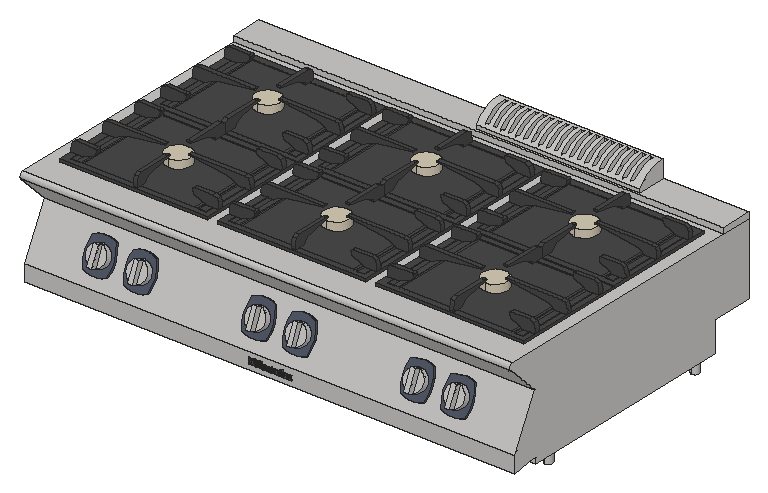
Revit family "QF_ELECTROLUXPROFESSIONAL_371170_E7GCGL6C0A", category Specialty Equipment, Revit 2018
Family settings
  Round Connector Dimension = Use Diameter
  Part Type = Normal
  Work Plane-Based = No
  Always vertical = Yes
  Cut with Voids When Loaded = No
  Shared = No
  Room Calculation Point = No
Parameters (values of type "Standard")
  Weight = 75.00 kg
  Watts = 0 W
  Volts = 0 V
  URL Manufacturer = "http://professional.electrolux.com"
  URL = "http://professional.electrolux.com"
  Steam Supply Size = 0"
  Steam Supply Minimum Pressure = 0.00 psi
  Steam Supply Maximum Pressure = 0.00 psi
  Steam Pounds per Hour = 0
  Show Logo [instance] = yes
  Show Clearance [instance] = yes
  Refrigeration Suction Line Size = 0 mm
  Refrigeration Liquid Line Size = 0 mm
  Refrigerant Compressor Remote = yes
  Phase = 0
  Model = "E7GCGL6C0A"
  Manufacturer = "Electrolux Professional"
  Length Actual = 1200 mm  # constant formula
  Item Number = "371170"
  Hot Water Size = 0"
  Height Actual = 250 mm  # constant formula
  HP = "0 HP"
  Gas Size = 1/2"
  Gas KW = 33
  Gas Input Pressure = 1.10632 Btu/h
  Direct Waste Size = 0"
  Description = "6-BURNER GAS BOILING TOP 1200 MM (AGA)"
  Depth Actual = 730 mm  # constant formula
  Cycle = 0 Hz
  Condensate Return Size = 0"
  Compressed Air Volume = 0 GPM
  Compressed Air Size = 0"
  Compressed Air Pressure = 0.00 psi
  Cold Water Size = 0"
  Assembly Code = ""
  Accessory = yes
Reference planes
  plane 1 "BACK": y = 0
  plane 2: z = 0
  plane 3 "LEFT": x = 0
  plane 4 "RIGHT": x = 1200
  plane 5 "FRONT": y = -730
  plane 6 "TOP": z = 303.188
  plane 7 "Center Y": x = 600
  plane 8 "Center X": y = -365
  plane 9 "Base Height": z = 23.813
  plane 10: z = 274.613
  plane 11: z = 331.787
Forms (mm)
  Extrusion 1, solid, material "QF_Finishes_Stainless Steel"
    sketch origin (0, 0, 0) x (0, 1, 0) y (0, 0, 1)
      loop
        line (0, 98.425) -> (0, 274.612) -> (-721.5, 274.612)
        arc (-721.5, 274.612) -> (-729.472, 269.285) -> (-727.602, 259.881) r 8.63
        line (-727.602, 259.881) -> (-654.039, 186.318) -> (-715.962, 68.584) -> (-715.962, 30.162) -> (-655.839, 38.612)
        arc (-655.839, 38.612) -> (-653.314, 37.864) -> (-652.222, 35.468) r 3.175
        line (-652.222, 35.468) -> (-652.222, 23.813) -> (-103.188, 23.813) -> (-103.188, 98.425) -> (0, 98.425)
    from 0 to 1200
  Extrusion 2, solid, material "QF_Finishes_Stainless Steel"
    sketch origin (0, 0, 0) x (0, 1, 0) y (0, 0, 1)
      loop
        line (0, 274.612) -> (0, 288.9) -> (-76.2, 288.9) -> (-76.2, 274.612) -> (0, 274.612)
    from 0 to 1200
  Extrusion 3, solid, material "QF_Finishes_Stainless Steel"
    sketch origin (0, 0, 0) x (1, 0, 0) y (0, 1, 0)
      loop
        circle (11.112, -149.225) r 9.525
      loop
        circle (1188.888, -149.225) r 9.525
      loop
        circle (11.112, -598.488) r 9.525
      loop
        circle (1188.888, -598.488) r 9.525
    from 0 to 23.812
  Extrusion 4, solid, material "QF_Finishes_Stainless Steel"
    sketch origin (0, -103.188, 23.813) x (0, 0, 1) y (1, 0, 0)
      loop
        circle (36.513, 1100) r 6.35
    from 0 to 26.988
  Extrusion 5, solid, material "QF_Finishes_Clearance", visible <- "Show Clearance", detail levels coarse
    sketch origin (0, 0, 0) x (1, 0, 0) y (0, 1, 0)
      loop
        line (0, -730) -> (0, 0) -> (1200, 0) -> (1200, -730) -> (1350, -730) -> (1350, 150) -> (-150, 150) -> (-150, -730) -> (0, -730)
    from 0 to 331.787
  Extrusion 6, solid, material "QF_Finishes_Navy Blue"
    sketch origin (-377.256, -713.772, 69.003) x (0, 0.418102, 0.9084) y (-1, 0, 0)
      loop
        arc (102.623, -510.47) -> (67.041, -502.846) -> (31.333, -509.853) r 90.5
        arc (31.333, -509.853) -> (24.507, -539.04) -> (31.333, -568.228) r 65.817
        arc (31.333, -568.228) -> (67.04, -575.188) -> (102.623, -567.615) r 91.066
        arc (102.623, -567.615) -> (109.179, -539.043) -> (102.623, -510.47) r 65.546
    from 0 to 3.175
  Extrusion 7, solid, material "QF_Finishes_Stainless Steel"
    sketch origin (1.494, -717.485, 68.529) x (0, 0.418102, 0.9084) y (-1, 0, 0)
      loop
        circle (68.826, -160.963) r 25.4
    from 0 to 12.7
  Extrusion 8, solid, material "QF_Finishes_Stainless Steel"
    sketch origin (1.494, -729.022, 73.839) x (0, 0.418102, 0.9084) y (-1, 0, 0)
      loop
        arc (93.558, -166.749) -> (94.226, -160.963) -> (93.558, -155.177) r 25.4
        line (93.558, -155.177) -> (44.094, -155.177)
        arc (44.094, -155.177) -> (43.426, -160.963) -> (44.094, -166.749) r 25.4
        line (44.094, -166.749) -> (93.558, -166.749)
    from 0 to 12.7
  Extrusion 9, solid, material "QF_Finishes_Navy Blue"
    sketch origin (-277.256, -713.772, 69.003) x (0, 0.418102, 0.9084) y (-1, 0, 0)
      loop
        arc (102.623, -510.47) -> (67.041, -502.846) -> (31.333, -509.853) r 90.5
        arc (31.333, -509.853) -> (24.507, -539.04) -> (31.333, -568.228) r 65.817
        arc (31.333, -568.228) -> (67.04, -575.188) -> (102.623, -567.615) r 91.066
        arc (102.623, -567.615) -> (109.179, -539.043) -> (102.623, -510.47) r 65.546
    from 0 to 3.175
  Extrusion 10, solid, material "QF_Finishes_Stainless Steel"
    sketch origin (101.494, -717.485, 68.529) x (0, 0.418102, 0.9084) y (-1, 0, 0)
      loop
        circle (68.826, -160.963) r 25.4
    from 0 to 12.7
  Extrusion 11, solid, material "QF_Finishes_Stainless Steel"
    sketch origin (101.494, -729.022, 73.839) x (0, 0.418102, 0.9084) y (-1, 0, 0)
      loop
        arc (93.558, -166.749) -> (94.226, -160.963) -> (93.558, -155.177) r 25.4
        line (93.558, -155.177) -> (44.094, -155.177)
        arc (44.094, -155.177) -> (43.426, -160.963) -> (44.094, -166.749) r 25.4
        line (44.094, -166.749) -> (93.558, -166.749)
    from 0 to 12.7
  Extrusion 12, solid, material "QF_Finishes_Navy Blue", visible <- "Show Logo"
    sketch origin (261.839, -715.962, 35.665) x (0, 0, 1) y (-1, 0, 0)
      loop
        line (20.674, -296.698) -> (8.307, -296.698)
        arc (8.307, -296.698) -> (14.491, -301.27) -> (20.674, -296.698) r 6.467
      loop
        arc (20.674, -296.069) -> (19.505, -290.926) -> (14.849, -288.448) r 6.338
        line (14.849, -288.448) -> (14.849, -290.494)
        arc (14.849, -290.494) -> (16.333, -294.149) -> (19.778, -296.069) r 5.941
        line (19.778, -296.069) -> (20.674, -296.069)
      loop
        arc (9.203, -296.069) -> (12.648, -294.149) -> (14.132, -290.494) r 5.941
        line (14.132, -290.494) -> (14.132, -288.448)
        arc (14.132, -288.448) -> (9.438, -290.922) -> (8.148, -296.069) r 6.504
        line (8.148, -296.069) -> (9.203, -296.069)
      loop
        line (21.349, -287.979) -> (7.604, -287.979) -> (7.604, -301.742) -> (21.349, -301.742) -> (21.349, -287.979)
      loop
        arc (21.432, -304.71) -> (21.085, -304.352) -> (20.718, -304.69) r 0.358
        arc (20.718, -304.69) -> (20.404, -305.44) -> (19.687, -305.825) r 1.216
        line (19.687, -305.825) -> (9.274, -305.825)
        arc (9.274, -305.825) -> (8.614, -305.548) -> (8.218, -304.951) r 1.238
        arc (8.218, -304.951) -> (7.823, -304.7) -> (7.518, -305.054) r 0.358
        line (7.518, -305.054) -> (7.518, -314.933) -> (10.269, -314.933) -> (10.269, -314.036)
        arc (10.269, -314.036) -> (9.36, -313.456) -> (8.904, -312.479) r 1.928
        line (8.904, -312.479) -> (8.904, -309.98)
        arc (8.904, -309.98) -> (9.18, -309.251) -> (9.868, -308.887) r 1.101
        line (9.868, -308.887) -> (13.955, -308.887) -> (13.955, -312.561)
        arc (13.955, -312.561) -> (13.602, -313.058) -> (13.037, -313.286) r 1.083
        arc (13.037, -313.286) -> (12.773, -313.591) -> (13.065, -313.869) r 0.292
        line (13.065, -313.869) -> (16.028, -313.869)
        arc (16.028, -313.869) -> (16.33, -313.596) -> (16.092, -313.266) r 0.305
        arc (16.092, -313.266) -> (15.601, -313.018) -> (15.296, -312.561) r 1.083
        line (15.296, -312.561) -> (15.296, -308.887) -> (19.973, -308.887) -> (19.973, -312.635)
        arc (19.973, -312.635) -> (19.759, -313.39) -> (19.153, -313.888) r 1.314
        arc (19.153, -313.888) -> (18.934, -314.292) -> (19.288, -314.585) r 0.361
        line (19.288, -314.585) -> (21.432, -314.585) -> (21.432, -304.71)
      loop
        arc (20.715, -315.365) -> (20.335, -316.284) -> (19.416, -316.664) r 1.299
        line (19.416, -316.664) -> (9.837, -316.664)
        arc (9.837, -316.664) -> (8.999, -316.286) -> (8.728, -315.408) r 1.118
        line (8.728, -315.408) -> (7.518, -315.408) -> (7.518, -320.758) -> (8.706, -320.758)
        arc (8.706, -320.758) -> (8.978, -319.841) -> (9.848, -319.445) r 1.153
        line (9.848, -319.445) -> (21.92, -319.445) -> (20.715, -315.365)
      loop
        line (12.483, -323.394) -> (12.483, -329.842) -> (13.282, -329.842)
        arc (13.282, -329.842) -> (15.862, -328.857) -> (17.131, -326.404) r 3.874
        line (17.131, -326.404) -> (17.131, -324.643)
        arc (17.131, -324.643) -> (15.944, -321.778) -> (13.08, -320.592) r 4.051
        line (13.08, -320.592) -> (11.072, -320.592)
        arc (11.072, -320.592) -> (8.253, -322.077) -> (7.202, -325.084) r 4.352
        arc (7.202, -325.084) -> (7.566, -327.547) -> (8.943, -329.621) r 5.713
        line (8.943, -329.621) -> (9.892, -329.621)
        arc (9.892, -329.621) -> (9.16, -328.052) -> (8.943, -326.334) r 5.579
        arc (8.943, -326.334) -> (9.737, -324.371) -> (11.616, -323.394) r 3.057
        line (11.616, -323.394) -> (12.483, -323.394)
      loop
        line (13.742, -323.394) -> (13.742, -326.977)
        arc (13.742, -326.977) -> (15.199, -327.024) -> (16.082, -325.864) r 1.59
        line (16.082, -325.864) -> (16.082, -325.034)
        arc (16.082, -325.034) -> (15.217, -323.779) -> (13.742, -323.394) r 2.184
      loop
        arc (16.533, -339.259) -> (17.022, -337.585) -> (17.179, -335.848) r 9.023
        line (17.179, -335.848) -> (17.179, -334.486)
        arc (17.179, -334.486) -> (16.02, -331.686) -> (13.22, -330.527) r 3.959
        line (13.22, -330.527) -> (10.62, -330.527)
        arc (10.62, -330.527) -> (8.338, -331.819) -> (7.221, -334.192) r 4.331
        line (7.221, -334.192) -> (7.221, -336.327)
        arc (7.221, -336.327) -> (7.729, -337.877) -> (8.651, -339.223) r 5.772
        arc (8.651, -339.223) -> (9.412, -339.274) -> (9.499, -338.515) r 0.553
        arc (9.499, -338.515) -> (9.111, -337.781) -> (8.977, -336.962) r 2.573
        line (8.977, -336.962) -> (8.977, -335.447)
        arc (8.977, -335.447) -> (9.983, -333.806) -> (11.798, -333.163) r 2.884
        line (11.798, -333.163) -> (13.077, -333.163)
        arc (13.077, -333.163) -> (14.898, -333.723) -> (15.824, -335.388) r 2.554
        line (15.824, -335.388) -> (15.824, -336.441)
        arc (15.824, -336.441) -> (15.493, -337.369) -> (14.836, -338.104) r 2.564
        arc (14.836, -338.104) -> (14.614, -338.821) -> (15.223, -339.259) r 0.643
        line (15.223, -339.259) -> (16.533, -339.259)
      loop
        line (15.515, -339.53) -> (15.515, -341.031) -> (9.467, -341.031)
        arc (9.467, -341.031) -> (7.879, -341.688) -> (7.221, -343.276) r 2.246
        line (7.221, -343.276) -> (7.221, -344.86)
        arc (7.221, -344.86) -> (7.535, -345.725) -> (8.035, -346.496) r 4.06
        arc (8.035, -346.496) -> (8.768, -346.629) -> (9.019, -345.928) r 0.576
        arc (9.019, -345.928) -> (8.913, -345.403) -> (8.977, -344.87) r 1.69
        arc (8.977, -344.87) -> (9.519, -344.082) -> (10.425, -343.779) r 1.506
        line (10.425, -343.779) -> (15.563, -343.779) -> (15.563, -346.176) -> (16.119, -346.733) -> (16.941, -346.733) -> (16.941, -343.873) -> (20.172, -343.873) -> (15.515, -339.53)
      loop
        line (7.438, -347.63) -> (7.438, -353.017) -> (8.548, -353.017)
        arc (8.548, -353.017) -> (8.942, -352.066) -> (9.893, -351.672) r 1.345
        line (9.893, -351.672) -> (13.509, -351.672)
        arc (13.509, -351.672) -> (14.274, -352.264) -> (14.564, -353.186) r 1.615
        line (14.564, -353.186) -> (14.564, -354.742) -> (17.119, -355.427) -> (17.119, -354.044) -> (15.177, -351.485) -> (17.057, -351.485) -> (16.773, -348.779)
        arc (16.773, -348.779) -> (16.333, -348.249) -> (15.674, -348.45) r 0.621
        arc (15.674, -348.45) -> (15.274, -348.792) -> (14.78, -348.975) r 1.501
        line (14.78, -348.975) -> (9.893, -348.975)
        arc (9.893, -348.975) -> (8.942, -348.581) -> (8.548, -347.63) r 1.345
        line (8.548, -347.63) -> (7.438, -347.63)
      loop
        line (13.54, -354.964) -> (10.848, -354.964)
        arc (10.848, -354.964) -> (8.403, -356.272) -> (7.269, -358.803) r 4.288
        arc (7.269, -358.803) -> (7.205, -360.183) -> (7.269, -361.563) r 15.022
        arc (7.269, -361.563) -> (8.403, -364.094) -> (10.848, -365.401) r 4.288
        line (10.848, -365.401) -> (13.54, -365.401)
        arc (13.54, -365.401) -> (15.986, -364.094) -> (17.119, -361.563) r 4.288
        arc (17.119, -361.563) -> (17.183, -360.183) -> (17.119, -358.803) r 15.022
        arc (17.119, -358.803) -> (15.986, -356.272) -> (13.54, -354.964) r 4.288
      loop
        line (13.745, -358.078) -> (10.643, -358.078)
        arc (10.643, -358.078) -> (8.486, -360.235) -> (10.643, -362.392) r 2.157
        line (10.643, -362.392) -> (13.745, -362.392)
        arc (13.745, -362.392) -> (15.902, -360.235) -> (13.745, -358.078) r 2.157
      loop
        arc (20.726, -365.26) -> (20.355, -366.154) -> (19.461, -366.524) r 1.264
        line (19.461, -366.524) -> (9.597, -366.524)
        arc (9.597, -366.524) -> (8.727, -366.127) -> (8.455, -365.211) r 1.153
        line (8.455, -365.211) -> (7.518, -365.211) -> (7.518, -370.319) -> (8.446, -370.319)
        arc (8.446, -370.319) -> (8.805, -369.547) -> (9.597, -369.232) r 1.153
        line (9.597, -369.232) -> (21.92, -369.232) -> (20.726, -365.26)
      loop
        arc (15.846, -369.857) -> (15.647, -370.921) -> (14.678, -371.403) r 1.215
        line (14.678, -371.403) -> (9.658, -371.403)
        arc (9.658, -371.403) -> (8.043, -372.051) -> (7.322, -373.634) r 2.338
        line (7.322, -373.634) -> (7.322, -375.148)
        arc (7.322, -375.148) -> (7.497, -376.152) -> (7.999, -377.038) r 2.979
        line (7.999, -377.038) -> (7.518, -378.835) -> (7.518, -380.524) -> (16.943, -380.524) -> (16.649, -376.32) -> (15.863, -376.32)
        arc (15.863, -376.32) -> (15.507, -377.156) -> (14.755, -377.665) r 1.605
        line (14.755, -377.665) -> (9.652, -377.665)
        arc (9.652, -377.665) -> (9.232, -376.728) -> (9.159, -375.704) r 2.94
        arc (9.159, -375.704) -> (9.72, -374.603) -> (10.873, -374.16) r 1.724
        line (10.873, -374.16) -> (17.07, -374.16) -> (15.846, -369.857)
      loop
        line (16.874, -381.377) -> (15.202, -383.423) -> (12.028, -385.729) -> (8.572, -382.617)
        arc (8.572, -382.617) -> (8.335, -382.223) -> (8.357, -381.764) r 0.789
        line (8.357, -381.764) -> (7.518, -381.764) -> (7.518, -385.309) -> (8.344, -385.309)
        arc (8.344, -385.309) -> (8.686, -384.947) -> (9.176, -385.039) r 0.52
        line (9.176, -385.039) -> (10.976, -386.51) -> (8.858, -387.886)
        arc (8.858, -387.886) -> (8.457, -387.576) -> (8.37, -387.076) r 0.7
        line (8.37, -387.076) -> (7.518, -387.076) -> (7.518, -393.003) -> (8.405, -393.003)
        arc (8.405, -393.003) -> (8.472, -392.344) -> (8.866, -391.813) r 1.247
        line (8.866, -391.813) -> (13.066, -388.532) -> (15.513, -390.585) -> (16.874, -392.327) -> (16.874, -388.604) -> (15.389, -389.026) -> (13.868, -387.749) -> (15.568, -386.559) -> (16.874, -387.336) -> (16.874, -381.377)
    from 0 to 1.644
  Extrusion 13, solid, material "QF_Finishes_Navy Blue"
    sketch origin (400.244, -713.772, 69.003) x (0, 0.418102, 0.9084) y (-1, 0, 0)
      loop
        arc (102.623, -510.47) -> (67.041, -502.846) -> (31.333, -509.853) r 90.5
        arc (31.333, -509.853) -> (24.507, -539.04) -> (31.333, -568.228) r 65.817
        arc (31.333, -568.228) -> (67.04, -575.188) -> (102.623, -567.615) r 91.066
        arc (102.623, -567.615) -> (109.179, -539.043) -> (102.623, -510.47) r 65.546
    from 0 to 3.175
  Extrusion 14, solid, material "QF_Finishes_Stainless Steel"
    sketch origin (778.994, -717.485, 68.529) x (0, 0.418102, 0.9084) y (-1, 0, 0)
      loop
        circle (68.826, -160.963) r 25.4
    from 0 to 12.7
  Extrusion 15, solid, material "QF_Finishes_Stainless Steel"
    sketch origin (778.994, -729.022, 73.839) x (0, 0.418102, 0.9084) y (-1, 0, 0)
      loop
        arc (93.558, -166.749) -> (94.226, -160.963) -> (93.558, -155.177) r 25.4
        line (93.558, -155.177) -> (44.094, -155.177)
        arc (44.094, -155.177) -> (43.426, -160.963) -> (44.094, -166.749) r 25.4
        line (44.094, -166.749) -> (93.558, -166.749)
    from 0 to 12.7
  Extrusion 16, solid, material "QF_Finishes_Navy Blue"
    sketch origin (500.244, -713.772, 69.003) x (0, 0.418102, 0.9084) y (-1, 0, 0)
      loop
        arc (102.623, -510.47) -> (67.041, -502.846) -> (31.333, -509.853) r 90.5
        arc (31.333, -509.853) -> (24.507, -539.04) -> (31.333, -568.228) r 65.817
        arc (31.333, -568.228) -> (67.04, -575.188) -> (102.623, -567.615) r 91.066
        arc (102.623, -567.615) -> (109.179, -539.043) -> (102.623, -510.47) r 65.546
    from 0 to 3.175
  Extrusion 17, solid, material "QF_Finishes_Stainless Steel"
    sketch origin (878.994, -717.485, 68.529) x (0, 0.418102, 0.9084) y (-1, 0, 0)
      loop
        circle (68.826, -160.963) r 25.4
    from 0 to 12.7
  Extrusion 18, solid, material "QF_Finishes_Stainless Steel"
    sketch origin (878.994, -729.022, 73.839) x (0, 0.418102, 0.9084) y (-1, 0, 0)
      loop
        arc (93.558, -166.749) -> (94.226, -160.963) -> (93.558, -155.177) r 25.4
        line (93.558, -155.177) -> (44.094, -155.177)
        arc (44.094, -155.177) -> (43.426, -160.963) -> (44.094, -166.749) r 25.4
        line (44.094, -166.749) -> (93.558, -166.749)
    from 0 to 12.7
  Extrusion 19, solid, material "QF_Finishes_Navy Blue"
    sketch origin (12.336, -713.772, 69.003) x (0, 0.418102, 0.9084) y (-1, 0, 0)
      loop
        arc (102.623, -510.47) -> (67.041, -502.846) -> (31.333, -509.853) r 90.5
        arc (31.333, -509.853) -> (24.507, -539.04) -> (31.333, -568.228) r 65.817
        arc (31.333, -568.228) -> (67.04, -575.188) -> (102.623, -567.615) r 91.066
        arc (102.623, -567.615) -> (109.179, -539.043) -> (102.623, -510.47) r 65.546
    from 0 to 3.175
  Extrusion 20, solid, material "QF_Finishes_Stainless Steel"
    sketch origin (391.086, -717.485, 68.529) x (0, 0.418102, 0.9084) y (-1, 0, 0)
      loop
        circle (68.826, -160.963) r 25.4
    from 0 to 12.7
  Extrusion 21, solid, material "QF_Finishes_Stainless Steel"
    sketch origin (391.086, -729.022, 73.839) x (0, 0.418102, 0.9084) y (-1, 0, 0)
      loop
        arc (93.558, -166.749) -> (94.226, -160.963) -> (93.558, -155.177) r 25.4
        line (93.558, -155.177) -> (44.094, -155.177)
        arc (44.094, -155.177) -> (43.426, -160.963) -> (44.094, -166.749) r 25.4
        line (44.094, -166.749) -> (93.558, -166.749)
    from 0 to 12.7
  Extrusion 22, solid, material "QF_Finishes_Navy Blue"
    sketch origin (112.336, -713.772, 69.003) x (0, 0.418102, 0.9084) y (-1, 0, 0)
      loop
        arc (102.623, -510.47) -> (67.041, -502.846) -> (31.333, -509.853) r 90.5
        arc (31.333, -509.853) -> (24.507, -539.04) -> (31.333, -568.228) r 65.817
        arc (31.333, -568.228) -> (67.04, -575.188) -> (102.623, -567.615) r 91.066
        arc (102.623, -567.615) -> (109.179, -539.043) -> (102.623, -510.47) r 65.546
    from 0 to 3.175
  Extrusion 23, solid, material "QF_Finishes_Stainless Steel"
    sketch origin (491.086, -717.485, 68.529) x (0, 0.418102, 0.9084) y (-1, 0, 0)
      loop
        circle (68.826, -160.963) r 25.4
    from 0 to 12.7
  Extrusion 24, solid, material "QF_Finishes_Stainless Steel"
    sketch origin (491.086, -729.022, 73.839) x (0, 0.418102, 0.9084) y (-1, 0, 0)
      loop
        arc (93.558, -166.749) -> (94.226, -160.963) -> (93.558, -155.177) r 25.4
        line (93.558, -155.177) -> (44.094, -155.177)
        arc (44.094, -155.177) -> (43.426, -160.963) -> (44.094, -166.749) r 25.4
        line (44.094, -166.749) -> (93.558, -166.749)
    from 0 to 12.7
  Extrusion 25, solid, material "QF_Finishes_Stainless Steel"
    sketch origin (190, 0, 14.288) x (0, 1, 0) y (0, 0, 1)
      loop
        line (0, 274.613) -> (0, 317.5)
        arc (0, 317.5) -> (-38.885, 309.109) -> (-69.85, 284.137) r 86.116
        line (-69.85, 284.137) -> (-69.85, 274.613) -> (0, 274.613)
    from 400 to 800
  Extrusion 26, void
    sketch origin (224.989, 0, 288.925) x (-1, 0, 0) y (0, -1, 0)
      loop
        line (-392.079, 6.761) -> (-382.783, 6.761) -> (-382.783, 63.911) -> (-392.079, 63.911) -> (-392.079, 6.761)
      loop
        line (-410.772, 6.761) -> (-401.476, 6.761) -> (-401.476, 63.911) -> (-410.772, 63.911) -> (-410.772, 6.761)
      loop
        line (-429.464, 6.761) -> (-420.169, 6.761) -> (-420.169, 63.911) -> (-429.464, 63.911) -> (-429.464, 6.761)
      loop
        line (-448.157, 6.761) -> (-438.861, 6.761) -> (-438.861, 63.911) -> (-448.157, 63.911) -> (-448.157, 6.761)
      loop
        line (-466.849, 6.761) -> (-457.554, 6.761) -> (-457.554, 63.911) -> (-466.849, 63.911) -> (-466.849, 6.761)
      loop
        line (-485.542, 6.761) -> (-476.246, 6.761) -> (-476.246, 63.911) -> (-485.542, 63.911) -> (-485.542, 6.761)
      loop
        line (-504.235, 6.761) -> (-494.939, 6.761) -> (-494.939, 63.911) -> (-504.235, 63.911) -> (-504.235, 6.761)
      loop
        line (-522.927, 6.761) -> (-513.632, 6.761) -> (-513.632, 63.911) -> (-522.927, 63.911) -> (-522.927, 6.761)
      loop
        line (-541.62, 6.761) -> (-532.324, 6.761) -> (-532.324, 63.911) -> (-541.62, 63.911) -> (-541.62, 6.761)
      loop
        line (-560.313, 6.761) -> (-551.017, 6.761) -> (-551.017, 63.911) -> (-560.313, 63.911) -> (-560.313, 6.761)
      loop
        line (-579.005, 6.761) -> (-569.709, 6.761) -> (-569.709, 63.911) -> (-579.005, 63.911) -> (-579.005, 6.761)
      loop
        line (-597.698, 6.761) -> (-588.402, 6.761) -> (-588.402, 63.911) -> (-597.698, 63.911) -> (-597.698, 6.761)
      loop
        line (-616.39, 6.761) -> (-607.095, 6.761) -> (-607.095, 63.911) -> (-616.39, 63.911) -> (-616.39, 6.761)
      loop
        line (-635.083, 6.761) -> (-625.787, 6.761) -> (-625.787, 63.911) -> (-635.083, 63.911) -> (-635.083, 6.761)
      loop
        line (-653.776, 6.761) -> (-644.48, 6.761) -> (-644.48, 63.911) -> (-653.776, 63.911) -> (-653.776, 6.761)
      loop
        line (-672.468, 6.761) -> (-663.172, 6.761) -> (-663.172, 63.911) -> (-672.468, 63.911) -> (-672.468, 6.761)
      loop
        line (-691.161, 6.761) -> (-681.865, 6.761) -> (-681.865, 63.911) -> (-691.161, 63.911) -> (-691.161, 6.761)
      loop
        line (-709.853, 6.761) -> (-700.558, 6.761) -> (-700.558, 63.911) -> (-709.853, 63.911) -> (-709.853, 6.761)
      loop
        line (-728.546, 6.761) -> (-719.25, 6.761) -> (-719.25, 63.911) -> (-728.546, 63.911) -> (-728.546, 6.761)
      loop
        line (-747.239, 6.761) -> (-737.943, 6.761) -> (-737.943, 63.911) -> (-747.239, 63.911) -> (-747.239, 6.761)
    from 9.525 to 45.348
Cuts and joins
  Extrusion 26 cuts Extrusion 5
  Extrusion 26 cuts Extrusion 25
Lines and regions (mm)
  symbolic lines
    curve 1: line (0, -730.129, 0) -> (1200, -730.129, 0)
    curve 2: line (0, 0, 0) -> (0, -730.129, 0)
    curve 3: line (1200, 0, 0) -> (0, 0, 0)
    curve 4: line (1200, -730.129, 0) -> (1200, 0, 0)
    curve 5: line (0, -76.2, 0) -> (1200, -76.2, 0)
    curve 6: line (0, -69.85, 0) -> (1200, -69.85, 0)
    curve 7: line (0, -715.963, 0) -> (1200, -715.963, 0)
    curve 11: line (607.772, -63.911, 0) -> (607.772, -6.761, 0)
    curve 12: line (607.772, -6.761, 0) -> (617.068, -6.761, 0)
    curve 13: line (617.068, -6.761, 0) -> (617.068, -63.911, 0)
    curve 14: line (617.068, -63.911, 0) -> (607.772, -63.911, 0)
    curve 15: line (626.465, -63.911, 0) -> (626.465, -6.761, 0)
    curve 16: line (626.465, -6.761, 0) -> (635.761, -6.761, 0)
    curve 17: line (635.761, -6.761, 0) -> (635.761, -63.911, 0)
    curve 18: line (635.761, -63.911, 0) -> (626.465, -63.911, 0)
    curve 19: line (645.158, -63.911, 0) -> (645.158, -6.761, 0)
    curve 20: line (645.158, -6.761, 0) -> (654.453, -6.761, 0)
    curve 21: line (654.453, -6.761, 0) -> (654.453, -63.911, 0)
    curve 22: line (654.453, -63.911, 0) -> (645.158, -63.911, 0)
    curve 23: line (663.85, -63.911, 0) -> (663.85, -6.761, 0)
    curve 24: line (663.85, -6.761, 0) -> (673.146, -6.761, 0)
    curve 25: line (673.146, -6.761, 0) -> (673.146, -63.911, 0)
    curve 26: line (673.146, -63.911, 0) -> (663.85, -63.911, 0)
    curve 27: line (682.543, -63.911, 0) -> (682.543, -6.761, 0)
    curve 28: line (682.543, -6.761, 0) -> (691.839, -6.761, 0)
    curve 29: line (691.839, -6.761, 0) -> (691.839, -63.911, 0)
    curve 30: line (691.839, -63.911, 0) -> (682.543, -63.911, 0)
    curve 31: line (701.235, -63.911, 0) -> (701.235, -6.761, 0)
    curve 32: line (701.235, -6.761, 0) -> (710.531, -6.761, 0)
    curve 33: line (710.531, -6.761, 0) -> (710.531, -63.911, 0)
    curve 34: line (710.531, -63.911, 0) -> (701.235, -63.911, 0)
    curve 35: line (719.928, -63.911, 0) -> (719.928, -6.761, 0)
    curve 36: line (719.928, -6.761, 0) -> (729.224, -6.761, 0)
    curve 37: line (729.224, -6.761, 0) -> (729.224, -63.911, 0)
    curve 38: line (729.224, -63.911, 0) -> (719.928, -63.911, 0)
    curve 39: line (738.621, -63.911, 0) -> (738.621, -6.761, 0)
    curve 40: line (738.621, -6.761, 0) -> (747.916, -6.761, 0)
    curve 41: line (747.916, -6.761, 0) -> (747.916, -63.911, 0)
    curve 42: line (747.916, -63.911, 0) -> (738.621, -63.911, 0)
    curve 43: line (757.313, -63.911, 0) -> (757.313, -6.761, 0)
    curve 44: line (757.313, -6.761, 0) -> (766.609, -6.761, 0)
    curve 45: line (766.609, -6.761, 0) -> (766.609, -63.911, 0)
    curve 46: line (766.609, -63.911, 0) -> (757.313, -63.911, 0)
    curve 47: line (776.006, -63.911, 0) -> (776.006, -6.761, 0)
    curve 48: line (776.006, -6.761, 0) -> (785.302, -6.761, 0)
    curve 49: line (785.302, -6.761, 0) -> (785.302, -63.911, 0)
    curve 50: line (785.302, -63.911, 0) -> (776.006, -63.911, 0)
    curve 51: line (794.698, -63.911, 0) -> (794.698, -6.761, 0)
    curve 52: line (794.698, -6.761, 0) -> (803.994, -6.761, 0)
    curve 53: line (803.994, -6.761, 0) -> (803.994, -63.911, 0)
    curve 54: line (803.994, -63.911, 0) -> (794.698, -63.911, 0)
    curve 55: line (813.391, -63.911, 0) -> (813.391, -6.761, 0)
    curve 56: line (813.391, -6.761, 0) -> (822.687, -6.761, 0)
    curve 57: line (822.687, -6.761, 0) -> (822.687, -63.911, 0)
    curve 58: line (822.687, -63.911, 0) -> (813.391, -63.911, 0)
    curve 59: line (832.084, -63.911, 0) -> (832.084, -6.761, 0)
    curve 60: line (832.084, -6.761, 0) -> (841.379, -6.761, 0)
    curve 61: line (841.379, -6.761, 0) -> (841.379, -63.911, 0)
    curve 62: line (841.379, -63.911, 0) -> (832.084, -63.911, 0)
    curve 63: line (962.932, -63.911, 0) -> (962.932, -6.761, 0)
    curve 64: line (962.932, -6.761, 0) -> (972.228, -6.761, 0)
    curve 65: line (972.228, -6.761, 0) -> (972.228, -63.911, 0)
    curve 66: line (972.228, -63.911, 0) -> (962.932, -63.911, 0)
    curve 67: line (944.239, -63.911, 0) -> (944.239, -6.761, 0)
    curve 68: line (944.239, -6.761, 0) -> (953.535, -6.761, 0)
    curve 69: line (953.535, -6.761, 0) -> (953.535, -63.911, 0)
    curve 70: line (953.535, -63.911, 0) -> (944.239, -63.911, 0)
    curve 71: line (925.547, -63.911, 0) -> (925.547, -6.761, 0)
    curve 72: line (925.547, -6.761, 0) -> (934.842, -6.761, 0)
    curve 73: line (934.842, -6.761, 0) -> (934.842, -63.911, 0)
    curve 74: line (934.842, -63.911, 0) -> (925.547, -63.911, 0)
    curve 75: line (906.854, -63.911, 0) -> (906.854, -6.761, 0)
    curve 76: line (906.854, -6.761, 0) -> (916.15, -6.761, 0)
    curve 77: line (916.15, -6.761, 0) -> (916.15, -63.911, 0)
    curve 78: line (916.15, -63.911, 0) -> (906.854, -63.911, 0)
    curve 79: line (888.161, -63.911, 0) -> (888.161, -6.761, 0)
    curve 80: line (888.161, -6.761, 0) -> (897.457, -6.761, 0)
    curve 81: line (897.457, -6.761, 0) -> (897.457, -63.911, 0)
    curve 82: line (897.457, -63.911, 0) -> (888.161, -63.911, 0)
    curve 83: line (869.469, -63.911, 0) -> (869.469, -6.761, 0)
    curve 84: line (869.469, -6.761, 0) -> (878.765, -6.761, 0)
    curve 85: line (878.765, -6.761, 0) -> (878.765, -63.911, 0)
    curve 86: line (878.765, -63.911, 0) -> (869.469, -63.911, 0)
    curve 87: line (850.776, -63.911, 0) -> (850.776, -6.761, 0)
    curve 88: line (850.776, -6.761, 0) -> (860.072, -6.761, 0)
    curve 89: line (860.072, -6.761, 0) -> (860.072, -63.911, 0)
    curve 90: line (860.072, -63.911, 0) -> (850.776, -63.911, 0)
  symbolic lines, style "QF-Clearances", visible <- "Show Clearance", detail levels coarse
    curve 8: line (-150, -730, 0) -> (-150, 150, 0)
    curve 9: line (-150, 150, 0) -> (1350, 150, 0)
    curve 10: line (1350, 150, 0) -> (1350, -730, 0)
Dimensions and locks
  equal spacing: plane 3 "LEFT", plane 7 "Center Y", plane 4 "RIGHT"
  plane 3 "LEFT" to plane 4 "RIGHT" = 1200 mm
  equal spacing: plane 5 "FRONT", plane 8 "Center X", plane 1 "BACK"
  plane 5 "FRONT" to plane 1 "BACK" = 730 mm
  plane 9 "Base Height" to level = 23.812 mm
  plane 10 to plane 9 "Base Height" = 250.8 mm
  plane 6 "TOP" to plane 10 = 28.575 mm
  plane 11 to level = 331.788 mm
  aligned and locked: level to plane 2
Automatic sketch dimensions
  Extrusion 1 sketch curve to plane 10 = 0 mm
  Extrusion 1 sketch curve to plane 9 "Base Height" = 0 mm
  Extrusion 1 sketch curve to plane 1 "BACK" = 0 mm
  Extrusion 1 sketch curve to Extrusion 1 sketch curve = 103.188 mm
  plane 9 "Base Height" to Extrusion 1 sketch curve = 11.656 mm
  Extrusion 1 sketch curve to plane 5 "FRONT" = 77.778 mm
  Extrusion 1 sketch curve to plane 5 "FRONT" = 75.961 mm
  Extrusion 1 sketch curve to Extrusion 1 sketch curve = 3.175 mm
  plane 9 "Base Height" to Extrusion 1 sketch curve = 14.8 mm
  plane 9 "Base Height" to Extrusion 1 sketch curve = 6.35 mm
  Extrusion 1 sketch curve to plane 5 "FRONT" = 14.038 mm
  Extrusion 1 sketch curve to plane 5 "FRONT" = 8.5 mm
  Extrusion 1 sketch curve to plane 5 "FRONT" = 2.398 mm
  Extrusion 1 sketch curve to Extrusion 1 sketch curve = 38.422 mm
  plane 9 "Base Height" to Extrusion 1 sketch curve = 74.612 mm
  Extrusion 1 sketch curve to plane 10 = 88.295 mm
  Extrusion 1 sketch curve to plane 10 = 14.732 mm
  Extrusion 2 sketch curve to plane 10 = 0 mm
  Extrusion 2 sketch curve to plane 1 "BACK" = 0 mm
  Extrusion 2 sketch curve to plane 6 "TOP" = 14.287 mm
  plane 1 "BACK" to Extrusion 2 sketch curve = 76.2 mm
  Extrusion 3 sketch curve to Extrusion 3 sketch curve = 0 mm  (x8)
  plane 3 "LEFT" to Extrusion 3 sketch curve = 11.112 mm  (x2)
  Extrusion 3 sketch curve to plane 4 "RIGHT" = 11.112 mm  (x2)
  Extrusion 3 sketch curve to plane 5 "FRONT" = 121.987 mm  (x2)
  Extrusion 3 sketch curve to Extrusion 3 sketch curve = 9.525 mm  (x4)
  plane 1 "BACK" to Extrusion 3 sketch curve = 158.75 mm  (x2)
  Extrusion 1 to Extrusion 4 sketch curve = 36.513 mm
  plane 5 "FRONT" to Extrusion 5 sketch curve = 0 mm  (x2)
  plane 1 "BACK" to Extrusion 5 sketch curve = 0 mm
  Extrusion 5 sketch curve to plane 3 "LEFT" = 0 mm
  Extrusion 5 sketch curve to plane 4 "RIGHT" = 0 mm
  Extrusion 5 sketch curve to plane 3 "LEFT" = 150 mm
  plane 4 "RIGHT" to Extrusion 5 sketch curve = 150 mm
  Extrusion 5 sketch curve to plane 1 "BACK" = 150 mm
  plane 3 "LEFT" to Extrusion 6 sketch curve = 132.596 mm
  Extrusion 6 sketch curve to Extrusion 6 sketch curve = 0 mm
  Extrusion 6 sketch curve to Extrusion 6 sketch curve = 12.3 mm  (x3)
  Extrusion 6 sketch curve to Extrusion 6 sketch curve = 34.925 mm  (x2)
  Extrusion 6 sketch curve to Extrusion 6 sketch curve = 46.691 mm
  Extrusion 6 sketch curve to Extrusion 6 sketch curve = 0.617 mm
  Extrusion 6 sketch curve to Extrusion 6 sketch curve = 28.57 mm
  Extrusion 6 sketch curve to Extrusion 6 sketch curve = 29.185 mm
  Extrusion 8 sketch curve to Extrusion 8 sketch curve = 24.732 mm
  Extrusion 8 sketch curve to Extrusion 8 sketch curve = 0 mm
  plane 3 "LEFT" to Extrusion 9 sketch curve = 232.596 mm
  Extrusion 9 sketch curve to Extrusion 9 sketch curve = 0 mm
  Extrusion 9 sketch curve to Extrusion 9 sketch curve = 12.3 mm  (x3)
  Extrusion 9 sketch curve to Extrusion 9 sketch curve = 34.925 mm  (x2)
  Extrusion 9 sketch curve to Extrusion 9 sketch curve = 46.691 mm
  Extrusion 9 sketch curve to Extrusion 9 sketch curve = 0.617 mm
  Extrusion 9 sketch curve to Extrusion 9 sketch curve = 28.57 mm
  Extrusion 9 sketch curve to Extrusion 9 sketch curve = 29.185 mm
  Extrusion 11 sketch curve to Extrusion 11 sketch curve = 24.732 mm
  Extrusion 11 sketch curve to Extrusion 11 sketch curve = 0 mm
  plane 9 "Base Height" to Extrusion 12 sketch curve = 14.013 mm
  plane 9 "Base Height" to Extrusion 12 sketch curve = 19.054 mm
  plane 7 "Center Y" to Extrusion 12 sketch curve = 6.699 mm
  Extrusion 12 sketch curve to Extrusion 12 sketch curve = 5.06 mm
  Extrusion 12 sketch curve to plane 7 "Center Y" = 3.969 mm
  Extrusion 12 sketch curve to Extrusion 12 sketch curve = 0 mm  (x28)
  Extrusion 12 sketch curve to Extrusion 12 sketch curve = 5.108 mm  (x2)
  Extrusion 12 sketch curve to Extrusion 12 sketch curve = 0.054 mm
  Extrusion 12 sketch curve to Extrusion 12 sketch curve = 0.218 mm
  Extrusion 12 sketch curve to Extrusion 12 sketch curve = 0.195 mm
  Extrusion 12 sketch curve to Extrusion 12 sketch curve = 0.249 mm
  plane 9 "Base Height" to Extrusion 12 sketch curve = 19.371 mm
  Extrusion 12 sketch curve to Extrusion 12 sketch curve = 0.087 mm
  Extrusion 12 sketch curve to Extrusion 12 sketch curve = 0.358 mm
  Extrusion 12 sketch curve to Extrusion 12 sketch curve = 0.481 mm
  Extrusion 12 sketch curve to Extrusion 12 sketch curve = 0.597 mm
  Extrusion 12 sketch curve to Extrusion 12 sketch curve = 0.544 mm
  Extrusion 12 sketch curve to Extrusion 12 sketch curve = 0.936 mm
  Extrusion 12 sketch curve to Extrusion 12 sketch curve = 0.594 mm
  Extrusion 12 sketch curve to Extrusion 12 sketch curve = 0.343 mm
  Extrusion 12 sketch curve to Extrusion 12 sketch curve = 0.159 mm
  Extrusion 12 sketch curve to Extrusion 12 sketch curve = 0.826 mm
  Extrusion 12 sketch curve to Extrusion 12 sketch curve = 0.839 mm
  Extrusion 12 sketch curve to Extrusion 12 sketch curve = 0.852 mm
  Extrusion 12 sketch curve to Extrusion 12 sketch curve = 0.887 mm
  Extrusion 12 sketch curve to Extrusion 12 sketch curve = 0.928 mm
  Extrusion 12 sketch curve to Extrusion 12 sketch curve = 0.938 mm
  Extrusion 12 sketch curve to Extrusion 12 sketch curve = 0.444 mm
  Extrusion 12 sketch curve to Extrusion 12 sketch curve = 1.11 mm  (x3)
  Extrusion 12 sketch curve to Extrusion 12 sketch curve = 0.215 mm
  plane 7 "Center Y" to Extrusion 12 sketch curve = 1.062 mm
  Extrusion 12 sketch curve to Extrusion 12 sketch curve = 1.43 mm
  Extrusion 12 sketch curve to Extrusion 12 sketch curve = 1.188 mm
  Extrusion 12 sketch curve to Extrusion 12 sketch curve = 1.21 mm  (x2)
  Extrusion 12 sketch curve to Extrusion 12 sketch curve = 0.503 mm
  Extrusion 12 sketch curve to Extrusion 12 sketch curve = 0.488 mm
  Extrusion 12 sketch curve to Extrusion 12 sketch curve = 0.462 mm
  Extrusion 12 sketch curve to Extrusion 12 sketch curve = 1.386 mm
  Extrusion 12 sketch curve to Extrusion 12 sketch curve = 1.742 mm  (x2)
  Extrusion 12 sketch curve to Extrusion 12 sketch curve = 0.821 mm
  Extrusion 12 sketch curve to Extrusion 12 sketch curve = 0.497 mm
  Extrusion 12 sketch curve to Extrusion 12 sketch curve = 0.539 mm
  Extrusion 12 sketch curve to Extrusion 12 sketch curve = 0.686 mm
  Extrusion 12 sketch curve to Extrusion 12 sketch curve = 0.408 mm
  Extrusion 12 sketch curve to Extrusion 12 sketch curve = 0.743 mm
  Extrusion 12 sketch curve to Extrusion 12 sketch curve = 1.16 mm
  Extrusion 12 sketch curve to Extrusion 12 sketch curve = 0.329 mm
  Extrusion 12 sketch curve to Extrusion 12 sketch curve = 1.054 mm
  Extrusion 12 sketch curve to Extrusion 12 sketch curve = 1.056 mm
  Extrusion 12 sketch curve to Extrusion 12 sketch curve = 0.129 mm
  Extrusion 12 sketch curve to Extrusion 12 sketch curve = 0.489 mm
  plane 7 "Center Y" to Extrusion 12 sketch curve = 0.355 mm
  Extrusion 12 sketch curve to Extrusion 12 sketch curve = 0.441 mm
  Extrusion 12 sketch curve to Extrusion 12 sketch curve = 1.151 mm
  Extrusion 12 sketch curve to Extrusion 12 sketch curve = 1.141 mm  (x2)
  Extrusion 12 sketch curve to Extrusion 12 sketch curve = 0.768 mm
  Extrusion 12 sketch curve to Extrusion 12 sketch curve = 1.653 mm
  Extrusion 12 sketch curve to Extrusion 12 sketch curve = 0.499 mm
  Extrusion 12 sketch curve to Extrusion 12 sketch curve = 0.964 mm
  Extrusion 12 sketch curve to Extrusion 12 sketch curve = 0.949 mm
  Extrusion 12 sketch curve to Extrusion 12 sketch curve = 1.345 mm  (x2)
  Extrusion 12 sketch curve to Extrusion 12 sketch curve = 1.101 mm
  Extrusion 12 sketch curve to Extrusion 12 sketch curve = 0.432 mm
  Extrusion 12 sketch curve to Extrusion 12 sketch curve = 1.142 mm
  Extrusion 12 sketch curve to Extrusion 12 sketch curve = 0.959 mm
  Extrusion 12 sketch curve to Extrusion 12 sketch curve = 0.176 mm
  Extrusion 12 sketch curve to Extrusion 12 sketch curve = 0.728 mm
  Extrusion 12 sketch curve to Extrusion 12 sketch curve = 3.375 mm  (x2)
  Extrusion 12 sketch curve to Extrusion 12 sketch curve = 0.541 mm
  Extrusion 12 sketch curve to Extrusion 12 sketch curve = 0.955 mm
  Extrusion 12 sketch curve to Extrusion 12 sketch curve = 1.251 mm
  Extrusion 12 sketch curve to Extrusion 12 sketch curve = 0.572 mm
  Extrusion 12 sketch curve to Extrusion 12 sketch curve = 1.92 mm
  Extrusion 12 sketch curve to Extrusion 12 sketch curve = 1.224 mm
  Extrusion 12 sketch curve to Extrusion 12 sketch curve = 0.745 mm
  Extrusion 12 sketch curve to Extrusion 12 sketch curve = 0.036 mm
  Extrusion 12 sketch curve to Extrusion 12 sketch curve = 0.896 mm  (x3)
  Extrusion 12 sketch curve to Extrusion 12 sketch curve = 2.607 mm
  Extrusion 12 sketch curve to Extrusion 12 sketch curve = 0.066 mm
  Extrusion 12 sketch curve to Extrusion 12 sketch curve = 0.248 mm
  Extrusion 12 sketch curve to Extrusion 12 sketch curve = 0.449 mm
  Extrusion 12 sketch curve to Extrusion 12 sketch curve = 1.052 mm
  Extrusion 12 sketch curve to Extrusion 12 sketch curve = 1.863 mm
  Extrusion 12 sketch curve to Extrusion 12 sketch curve = 1.31 mm  (x2)
  Extrusion 12 sketch curve to Extrusion 12 sketch curve = 0.901 mm
  Extrusion 12 sketch curve to Extrusion 12 sketch curve = 1.107 mm
  Extrusion 12 sketch curve to Extrusion 12 sketch curve = 2.122 mm
  Extrusion 12 sketch curve to Extrusion 12 sketch curve = 2.101 mm
  Extrusion 12 sketch curve to Extrusion 12 sketch curve = 0.106 mm
  Extrusion 12 sketch curve to Extrusion 12 sketch curve = 0.029 mm
  Extrusion 12 sketch curve to Extrusion 12 sketch curve = 2.09 mm
  Extrusion 12 sketch curve to Extrusion 12 sketch curve = 1.279 mm
  Extrusion 12 sketch curve to Extrusion 12 sketch curve = 2.008 mm
  Extrusion 12 sketch curve to Extrusion 12 sketch curve = 0.738 mm
  Extrusion 12 sketch curve to Extrusion 12 sketch curve = 0.382 mm
  Extrusion 12 sketch curve to Extrusion 12 sketch curve = 0.384 mm
  Extrusion 12 sketch curve to Extrusion 12 sketch curve = 0.002 mm
  Extrusion 12 sketch curve to Extrusion 12 sketch curve = 0.561 mm
  Extrusion 12 sketch curve to Extrusion 12 sketch curve = 0.592 mm
  Extrusion 12 sketch curve to Extrusion 12 sketch curve = 2.692 mm
  Extrusion 12 sketch curve to Extrusion 12 sketch curve = 1.259 mm
  Extrusion 12 sketch curve to Extrusion 12 sketch curve = 0.802 mm
  Extrusion 12 sketch curve to Extrusion 12 sketch curve = 1.024 mm  (x2)
  Extrusion 12 sketch curve to Extrusion 12 sketch curve = 0.682 mm
  Extrusion 12 sketch curve to Extrusion 12 sketch curve = 5.934 mm
  Extrusion 12 sketch curve to Extrusion 12 sketch curve = 2.186 mm
  Extrusion 12 sketch curve to Extrusion 12 sketch curve = 0.337 mm
  Extrusion 12 sketch curve to Extrusion 12 sketch curve = 0.021 mm
  Extrusion 12 sketch curve to Extrusion 12 sketch curve = 1.005 mm
  Extrusion 12 sketch curve to Extrusion 12 sketch curve = 0.552 mm
  Extrusion 12 sketch curve to Extrusion 12 sketch curve = 0.778 mm
  Extrusion 12 sketch curve to Extrusion 12 sketch curve = 0.063 mm
  Extrusion 12 sketch curve to Extrusion 12 sketch curve = 1.023 mm
  Extrusion 12 sketch curve to Extrusion 12 sketch curve = 3.804 mm
  Extrusion 12 sketch curve to Extrusion 12 sketch curve = 0.486 mm
  Extrusion 12 sketch curve to Extrusion 12 sketch curve = 0.266 mm  (x2)
  Extrusion 12 sketch curve to plane 7 "Center Y" = 0.057 mm
  Extrusion 12 sketch curve to Extrusion 12 sketch curve = 1.547 mm
  Extrusion 12 sketch curve to Extrusion 12 sketch curve = 0.717 mm  (x2)
  Extrusion 12 sketch curve to Extrusion 12 sketch curve = 1.667 mm
  Extrusion 12 sketch curve to Extrusion 12 sketch curve = 3.174 mm
  plane 7 "Center Y" to Extrusion 12 sketch curve = 1.099 mm
  Extrusion 12 sketch curve to Extrusion 12 sketch curve = 0.388 mm
  Extrusion 12 sketch curve to Extrusion 12 sketch curve = 1.342 mm
  Extrusion 12 sketch curve to Extrusion 12 sketch curve = 1.521 mm
  Extrusion 12 sketch curve to Extrusion 12 sketch curve = 0.124 mm
  Extrusion 12 sketch curve to Extrusion 12 sketch curve = 0.291 mm
  plane 7 "Center Y" to Extrusion 12 sketch curve = 8.016 mm
  Extrusion 12 sketch curve to Extrusion 12 sketch curve = 1.049 mm  (x2)
  Extrusion 12 sketch curve to Extrusion 12 sketch curve = 1.7 mm
  Extrusion 12 sketch curve to Extrusion 12 sketch curve = 0.894 mm
  Extrusion 12 sketch curve to plane 7 "Center Y" = 1.719 mm
  Extrusion 12 sketch curve to Extrusion 12 sketch curve = 1.168 mm
  Extrusion 12 sketch curve to Extrusion 12 sketch curve = 1.594 mm
  Extrusion 12 sketch curve to Extrusion 12 sketch curve = 0.731 mm
  Extrusion 12 sketch curve to Extrusion 12 sketch curve = 1.566 mm
  Extrusion 12 sketch curve to Extrusion 12 sketch curve = 0.064 mm
  plane 7 "Center Y" to Extrusion 12 sketch curve = 8.572 mm
  Extrusion 12 sketch curve to Extrusion 12 sketch curve = 0.556 mm  (x2)
  Extrusion 12 sketch curve to Extrusion 12 sketch curve = 0.48 mm
  Extrusion 12 sketch curve to Extrusion 12 sketch curve = 1.018 mm
  Extrusion 12 sketch curve to Extrusion 12 sketch curve = 0.787 mm
  Extrusion 12 sketch curve to Extrusion 12 sketch curve = 0.618 mm
  Extrusion 12 sketch curve to Extrusion 12 sketch curve = 1.672 mm
  Extrusion 12 sketch curve to Extrusion 12 sketch curve = 1.361 mm
  Extrusion 12 sketch curve to Extrusion 12 sketch curve = 0.822 mm
  Extrusion 12 sketch curve to Extrusion 12 sketch curve = 0.069 mm
  Extrusion 12 sketch curve to Extrusion 12 sketch curve = 1.88 mm
  Extrusion 12 sketch curve to Extrusion 12 sketch curve = 0.42 mm
  Extrusion 12 sketch curve to Extrusion 12 sketch curve = 0.062 mm
  Extrusion 12 sketch curve to Extrusion 12 sketch curve = 1.355 mm
  Extrusion 12 sketch curve to Extrusion 12 sketch curve = 2.34 mm
  Extrusion 12 sketch curve to Extrusion 12 sketch curve = 0.493 mm
  Extrusion 12 sketch curve to Extrusion 12 sketch curve = 0.136 mm
  Extrusion 12 sketch curve to Extrusion 12 sketch curve = 0.128 mm
  Extrusion 12 sketch curve to Extrusion 12 sketch curve = 3.616 mm
  Extrusion 12 sketch curve to Extrusion 12 sketch curve = 4.207 mm
  Extrusion 12 sketch curve to Extrusion 12 sketch curve = 0.183 mm
  Extrusion 12 sketch curve to Extrusion 12 sketch curve = 0.895 mm
  Extrusion 12 sketch curve to Extrusion 12 sketch curve = 1.314 mm
  Extrusion 12 sketch curve to Extrusion 12 sketch curve = 3.231 mm
  Extrusion 12 sketch curve to Extrusion 12 sketch curve = 1.299 mm
  Extrusion 12 sketch curve to Extrusion 12 sketch curve = 1.214 mm
  Extrusion 12 sketch curve to Extrusion 12 sketch curve = 1.264 mm
  Extrusion 12 sketch curve to Extrusion 12 sketch curve = 0.109 mm
  Extrusion 12 sketch curve to Extrusion 12 sketch curve = 0.357 mm
  Extrusion 12 sketch curve to Extrusion 12 sketch curve = 0.565 mm
  Extrusion 12 sketch curve to Extrusion 12 sketch curve = 2.504 mm
  Extrusion 12 sketch curve to Extrusion 12 sketch curve = 2.459 mm
  Extrusion 12 sketch curve to Extrusion 12 sketch curve = 1.322 mm
  Extrusion 12 sketch curve to Extrusion 12 sketch curve = 2.77 mm
  Extrusion 12 sketch curve to Extrusion 12 sketch curve = 2.51 mm
  Extrusion 12 sketch curve to Extrusion 12 sketch curve = 0.187 mm
  Extrusion 12 sketch curve to Extrusion 12 sketch curve = 2.559 mm
  Extrusion 12 sketch curve to Extrusion 12 sketch curve = 1.556 mm
  Extrusion 12 sketch curve to Extrusion 12 sketch curve = 0.222 mm
  Extrusion 12 sketch curve to Extrusion 12 sketch curve = 1.383 mm
  Extrusion 12 sketch curve to Extrusion 12 sketch curve = 3.114 mm
  Extrusion 12 sketch curve to Extrusion 12 sketch curve = 3.376 mm
  Extrusion 12 sketch curve to Extrusion 12 sketch curve = 0.934 mm
  Extrusion 12 sketch curve to Extrusion 12 sketch curve = 0.191 mm
  Extrusion 12 sketch curve to Extrusion 12 sketch curve = 3.696 mm
  Extrusion 12 sketch curve to Extrusion 12 sketch curve = 2.708 mm
  Extrusion 12 sketch curve to Extrusion 12 sketch curve = 3.333 mm
  Extrusion 12 sketch curve to Extrusion 12 sketch curve = 0.332 mm
  Extrusion 12 sketch curve to Extrusion 12 sketch curve = 1.087 mm
  Extrusion 12 sketch curve to Extrusion 12 sketch curve = 2.23 mm
  Extrusion 12 sketch curve to Extrusion 12 sketch curve = 2.757 mm
  Extrusion 12 sketch curve to Extrusion 12 sketch curve = 0.987 mm
  Extrusion 12 sketch curve to Extrusion 12 sketch curve = 1.529 mm
  Extrusion 12 sketch curve to Extrusion 12 sketch curve = 1.796 mm
  Extrusion 12 sketch curve to Extrusion 12 sketch curve = 2.859 mm
  Extrusion 12 sketch curve to Extrusion 12 sketch curve = 0.853 mm
  Extrusion 12 sketch curve to Extrusion 12 sketch curve = 1.241 mm
  Extrusion 12 sketch curve to Extrusion 12 sketch curve = 2.046 mm  (x2)
  Extrusion 12 sketch curve to Extrusion 12 sketch curve = 2.422 mm
  Extrusion 12 sketch curve to Extrusion 12 sketch curve = 0.27 mm  (x2)
  Extrusion 12 sketch curve to Extrusion 12 sketch curve = 0.69 mm
  Extrusion 12 sketch curve to Extrusion 12 sketch curve = 0.781 mm  (x2)
  Extrusion 12 sketch curve to Extrusion 12 sketch curve = 3.136 mm
  Extrusion 12 sketch curve to Extrusion 12 sketch curve = 1.767 mm
  Extrusion 12 sketch curve to Extrusion 12 sketch curve = 0.138 mm
  Extrusion 12 sketch curve to Extrusion 12 sketch curve = 0.777 mm
  Extrusion 12 sketch curve to Extrusion 12 sketch curve = 1.19 mm
  Extrusion 12 sketch curve to Extrusion 12 sketch curve = 0.782 mm
  Extrusion 12 sketch curve to Extrusion 12 sketch curve = 1.268 mm
  Extrusion 12 sketch curve to Extrusion 12 sketch curve = 0.422 mm  (x2)
  Extrusion 12 sketch curve to Extrusion 12 sketch curve = 1.559 mm
  Extrusion 12 sketch curve to Extrusion 12 sketch curve = 3.927 mm
  Extrusion 12 sketch curve to Extrusion 12 sketch curve = 0.983 mm
  Extrusion 12 sketch curve to Extrusion 12 sketch curve = 1.134 mm
  Extrusion 12 sketch curve to Extrusion 12 sketch curve = 0.094 mm
  Extrusion 12 sketch curve to Extrusion 12 sketch curve = 1.584 mm
  Extrusion 12 sketch curve to Extrusion 12 sketch curve = 0.916 mm
  Extrusion 12 sketch curve to Extrusion 12 sketch curve = 0.352 mm
  Extrusion 12 sketch curve to Extrusion 12 sketch curve = 0.458 mm
  Extrusion 12 sketch curve to Extrusion 12 sketch curve = 1.282 mm
  Extrusion 12 sketch curve to Extrusion 12 sketch curve = 0.685 mm
  Extrusion 12 sketch curve to Extrusion 12 sketch curve = 0.905 mm
  Extrusion 12 sketch curve to Extrusion 12 sketch curve = 2.865 mm
  Extrusion 12 sketch curve to Extrusion 12 sketch curve = 0.472 mm
  Extrusion 12 sketch curve to Extrusion 12 sketch curve = 0.101 mm
  Extrusion 12 sketch curve to Extrusion 12 sketch curve = 0.54 mm
  Extrusion 12 sketch curve to Extrusion 12 sketch curve = 0.02 mm
  Extrusion 12 sketch curve to Extrusion 12 sketch curve = 0.468 mm
  Extrusion 12 sketch curve to Extrusion 12 sketch curve = 0.829 mm
  Extrusion 12 sketch curve to Extrusion 12 sketch curve = 0.582 mm
  Extrusion 12 sketch curve to Extrusion 12 sketch curve = 0.166 mm
  Extrusion 12 sketch curve to Extrusion 12 sketch curve = 0.16 mm
  Extrusion 12 sketch curve to Extrusion 12 sketch curve = 2.781 mm
  Extrusion 12 sketch curve to Extrusion 12 sketch curve = 1.118 mm
  Extrusion 12 sketch curve to Extrusion 12 sketch curve = 0.613 mm
  Extrusion 12 sketch curve to Extrusion 12 sketch curve = 0.361 mm
  Extrusion 12 sketch curve to Extrusion 12 sketch curve = 0.897 mm
  Extrusion 12 sketch curve to Extrusion 12 sketch curve = 0.167 mm
  Extrusion 12 sketch curve to Extrusion 12 sketch curve = 0.292 mm
  Extrusion 12 sketch curve to Extrusion 12 sketch curve = 0.305 mm
  Extrusion 12 sketch curve to Extrusion 12 sketch curve = 1.557 mm
  Extrusion 12 sketch curve to Extrusion 12 sketch curve = 2.499 mm
  Extrusion 12 sketch curve to Extrusion 12 sketch curve = 3.062 mm
  Extrusion 12 sketch curve to Extrusion 12 sketch curve = 2.968 mm
  Extrusion 12 sketch curve to Extrusion 12 sketch curve = 5.044 mm
  Extrusion 12 sketch curve to Extrusion 12 sketch curve = 0.629 mm  (x2)
  Extrusion 12 sketch curve to Extrusion 12 sketch curve = 1.131 mm
  Extrusion 12 sketch curve to Extrusion 12 sketch curve = 0.137 mm
  Extrusion 12 sketch curve to Extrusion 12 sketch curve = 0.027 mm
  Extrusion 12 sketch curve to Extrusion 12 sketch curve = 2.235 mm
  Extrusion 13 sketch curve to plane 4 "RIGHT" = 289.904 mm
  Extrusion 13 sketch curve to Extrusion 13 sketch curve = 0 mm
  Extrusion 13 sketch curve to Extrusion 13 sketch curve = 12.3 mm  (x3)
  Extrusion 13 sketch curve to Extrusion 13 sketch curve = 34.925 mm  (x2)
  Extrusion 13 sketch curve to Extrusion 13 sketch curve = 46.691 mm
  Extrusion 13 sketch curve to Extrusion 13 sketch curve = 0.617 mm
  Extrusion 13 sketch curve to Extrusion 13 sketch curve = 28.57 mm
  Extrusion 13 sketch curve to Extrusion 13 sketch curve = 29.185 mm
  Extrusion 15 sketch curve to Extrusion 15 sketch curve = 24.732 mm
  Extrusion 15 sketch curve to Extrusion 15 sketch curve = 0 mm
  Extrusion 16 sketch curve to plane 4 "RIGHT" = 189.904 mm
  Extrusion 16 sketch curve to Extrusion 16 sketch curve = 0 mm
  Extrusion 16 sketch curve to Extrusion 16 sketch curve = 12.3 mm  (x3)
  Extrusion 16 sketch curve to Extrusion 16 sketch curve = 34.925 mm  (x2)
  Extrusion 16 sketch curve to Extrusion 16 sketch curve = 46.691 mm
  Extrusion 16 sketch curve to Extrusion 16 sketch curve = 0.617 mm
  Extrusion 16 sketch curve to Extrusion 16 sketch curve = 28.57 mm
  Extrusion 16 sketch curve to Extrusion 16 sketch curve = 29.185 mm
  Extrusion 18 sketch curve to Extrusion 18 sketch curve = 24.732 mm
  Extrusion 18 sketch curve to Extrusion 18 sketch curve = 0 mm
  Extrusion 19 sketch curve to plane 7 "Center Y" = 77.812 mm
  Extrusion 19 sketch curve to plane 7 "Center Y" = 19.436 mm
  Extrusion 19 sketch curve to Extrusion 19 sketch curve = 0 mm
  Extrusion 19 sketch curve to Extrusion 19 sketch curve = 12.3 mm  (x3)
  plane 7 "Center Y" to Extrusion 19 sketch curve = 5.678 mm
  Extrusion 19 sketch curve to Extrusion 19 sketch curve = 34.925 mm  (x2)
  Extrusion 19 sketch curve to Extrusion 19 sketch curve = 46.691 mm
  Extrusion 19 sketch curve to plane 7 "Center Y" = 20.049 mm
  Extrusion 21 sketch curve to Extrusion 21 sketch curve = 24.732 mm
  Extrusion 21 sketch curve to Extrusion 21 sketch curve = 0 mm
  plane 7 "Center Y" to Extrusion 22 sketch curve = 22.188 mm
  Extrusion 22 sketch curve to Extrusion 22 sketch curve = 0 mm
  Extrusion 22 sketch curve to Extrusion 22 sketch curve = 12.3 mm  (x3)
  Extrusion 22 sketch curve to Extrusion 22 sketch curve = 34.925 mm  (x2)
  Extrusion 22 sketch curve to plane 7 "Center Y" = 3.539 mm
  Extrusion 22 sketch curve to Extrusion 22 sketch curve = 46.691 mm
  plane 7 "Center Y" to Extrusion 22 sketch curve = 22.805 mm
  Extrusion 22 sketch curve to Extrusion 22 sketch curve = 25.114 mm
  Extrusion 24 sketch curve to Extrusion 24 sketch curve = 24.732 mm
  Extrusion 24 sketch curve to Extrusion 24 sketch curve = 0 mm
  Extrusion 25 sketch curve to plane 1 "BACK" = 0 mm
  Extrusion 25 sketch curve to plane 11 = 0 mm
  plane 1 "BACK" to Extrusion 25 sketch curve = 1.769 mm
  Extrusion 25 sketch curve to plane 6 "TOP" = 4.763 mm
  plane 1 "BACK" to Extrusion 25 sketch curve = 69.85 mm
  Extrusion 25 sketch curve to plane 6 "TOP" = 14.287 mm
  plane 1 "BACK" to Extrusion 26 sketch curve = 63.911 mm  (x2)
  Extrusion 26 sketch curve to plane 4 "RIGHT" = 227.772 mm
  Extrusion 26 sketch curve to Extrusion 26 sketch curve = 9.296 mm  (x19)
  Extrusion 26 sketch curve to Extrusion 26 sketch curve = 9.397 mm  (x19)
  plane 7 "Center Y" to Extrusion 26 sketch curve = 7.772 mm
  Extrusion 26 sketch curve to Extrusion 26 sketch curve = 0 mm  (x18)
  plane 1 "BACK" to Extrusion 26 sketch curve = 6.761 mm  (x20)
  plane 5 "FRONT" to curve 8 = 0 mm
  curve 2 to plane 3 "LEFT" = 0 mm
  curve 1 to plane 4 "RIGHT" = 0 mm
  plane 5 "FRONT" to curve 10 = 0 mm
  plane 1 "BACK" to curve 3 = 0 mm
  curve 8 to plane 3 "LEFT" = 150 mm
  plane 7 "Center Y" to curve 14 = 7.772 mm
  curve 12 to curve 12 = 9.296 mm
  curve 12 to curve 16 = 9.397 mm
  curve 15 to curve 17 = 9.296 mm
  curve 17 to curve 22 = 9.397 mm
  curve 19 to curve 21 = 9.296 mm
  curve 20 to curve 23 = 9.397 mm
  curve 23 to curve 25 = 9.296 mm
  curve 25 to curve 27 = 9.397 mm
  curve 27 to curve 30 = 9.296 mm
  curve 29 to curve 31 = 9.397 mm
  curve 31 to curve 33 = 9.296 mm
  curve 33 to curve 38 = 9.397 mm
  curve 38 to curve 38 = 9.296 mm
  curve 37 to curve 42 = 9.397 mm
  curve 39 to curve 41 = 9.296 mm
  curve 40 to curve 43 = 9.397 mm
  curve 43 to curve 45 = 9.296 mm
  curve 45 to curve 47 = 9.397 mm
  curve 47 to curve 50 = 9.296 mm
  curve 48 to curve 52 = 9.397 mm
  curve 51 to curve 53 = 9.296 mm
  curve 52 to curve 55 = 9.397 mm
  curve 55 to curve 56 = 9.296 mm
  curve 56 to curve 60 = 9.397 mm
  curve 59 to curve 62 = 9.296 mm
  curve 61 to curve 87 = 9.397 mm
  curve 87 to curve 89 = 9.296 mm
  curve 89 to curve 86 = 9.397 mm
  curve 83 to curve 85 = 9.296 mm
  curve 85 to curve 82 = 9.397 mm
  curve 79 to curve 80 = 9.296 mm
  curve 80 to curve 76 = 9.397 mm
  curve 75 to curve 77 = 9.296 mm
  curve 77 to curve 74 = 9.397 mm
  curve 71 to curve 73 = 9.296 mm
  curve 73 to curve 67 = 9.397 mm
  curve 67 to curve 68 = 9.296 mm
  curve 68 to curve 63 = 9.397 mm
  curve 63 to curve 65 = 9.296 mm
  plane 4 "RIGHT" to curve 10 = 150 mm
  curve 7 to plane 5 "FRONT" = 14.037 mm
  plane 1 "BACK" to curve 5 = 76.2 mm
  curve 5 to curve 6 = 6.35 mm
  plane 1 "BACK" to curve 87 = 63.911 mm
  curve 89 to curve 86 = 0 mm
  curve 85 to curve 82 = 0 mm
  plane 1 "BACK" to curve 11 = 63.911 mm
  curve 81 to curve 78 = 0 mm
  curve 13 to curve 15 = 0 mm
  curve 77 to curve 74 = 0 mm
  curve 17 to curve 19 = 0 mm
  curve 73 to curve 70 = 0 mm
  curve 21 to curve 23 = 0 mm
  curve 69 to curve 66 = 0 mm
  curve 25 to curve 27 = 0 mm
  curve 62 to curve 87 = 0 mm
  curve 29 to curve 31 = 0 mm
  curve 58 to curve 59 = 0 mm
  curve 33 to curve 35 = 0 mm
  curve 54 to curve 55 = 0 mm
  curve 37 to curve 39 = 0 mm
  curve 50 to curve 51 = 0 mm
  curve 41 to curve 43 = 0 mm
  plane 1 "BACK" to curve 45 = 6.761 mm
  plane 1 "BACK" to curve 47 = 6.761 mm
